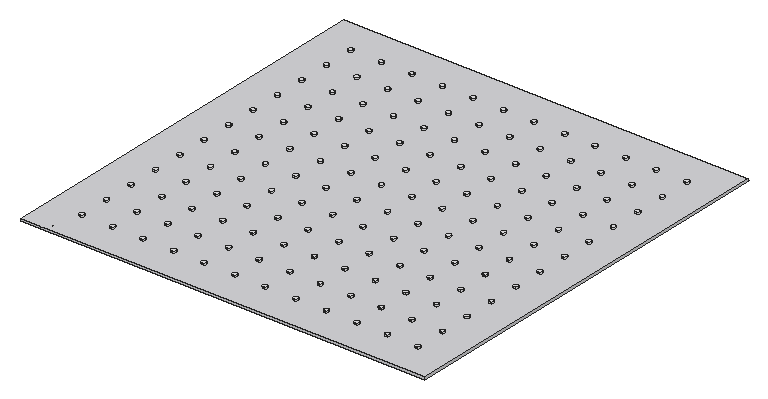
Revit family "Shower-Showerhead-KOHLER-KATALYST-K-9301T", category Plumbing Fixtures, host Face, Revit 2017 (continued)
Definition of nested family "K-9301T"
  Lines and regions (in)
    symbolic lines, detail levels medium+fine
      curve 287: arc (6.36283, -0.56971, 0) -> (6.27901, -0.48589, 0) -> (6.1952, -0.56971, 0) r 0.08381
      curve 288: arc (6.1952, -0.56971, 0) -> (6.27901, -0.65352, 0) -> (6.36283, -0.56971, 0) r 0.08381
      curve 289: line (-0.72431, 0, 2.06693) -> (0, 0, 2.06693)
      curve 290: line (0, 0, 2.06693) -> (0.72431, 0, 2.06693)
      curve 291: line (-0.46987, 0, 0.64317) -> (0.46987, 0, 0.64317)
      curve 292: line (-0.33902, 0, 0.75765) -> (0.33902, 0, 0.75765)
      curve 293: line (-0.33153, 0, 0.86477) -> (0.33153, 0, 0.86477)
      curve 294: line (-0.68898, 0, 0.98819) -> (0, 0, 0.98819)
      curve 295: line (0, 0, 0.98819) -> (0.68915, 0, 0.98819)
      curve 296: line (-7.55906, 0, 2.32283) -> (7.55906, 0, 2.32283)
      curve 297: line (7.55906, 0, 2.40159) -> (-7.55906, 0, 2.40159)
      curve 298: line (0, -6.8731, 2.06693) -> (0, 6.8731, 2.06693)
      curve 299: line (0, 0.20386, 1.46462) -> (0, -0.20426, 1.46462)
      curve 300: line (0, 0.20386, 0.98819) -> (0, 0.20386, 1.46462)
      curve 301: line (0, -0.20426, 1.46462) -> (0, -0.20426, 0.98819)
      curve 302: line (0, -0.7185, 0.98819) -> (0, 0.7185, 0.98819)
      curve 303: arc (0, -0.19852, 0.16897) -> (0, 0, 0.12746) -> (0, 0.19852, 0.16897) r 0.49544
      curve 304: line (0, 0.19852, 0.16897) -> (0, 0.19852, 0.53681)
      curve 305: arc (0, 0.19852, 0.53681) -> (0, 0.18724, 0.58248) -> (0, 0.15601, 0.61766) r 0.09816
      curve 306: arc (0, 0.15601, 0.61766) -> (0, 0.08169, 0.65443) -> (0, 0, 0.66867) r 0.29005
      curve 307: arc (0, 0, 0.66867) -> (0, -0.08169, 0.65443) -> (0, -0.15601, 0.61766) r 0.29005
      curve 308: arc (0, -0.15601, 0.61766) -> (0, -0.18724, 0.58248) -> (0, -0.19852, 0.53681) r 0.09816
      curve 309: line (0, -0.19852, 0.53681) -> (0, -0.19852, 0.16897)
      curve 310: line (0, -7.55906, 2.32283) -> (0, 7.55906, 2.32283)
      curve 311: line (0, 7.55906, 2.40159) -> (0, -7.55906, 2.40159)
      curve 312: line (0, 0.33821, 0.7571) -> (0, -0.33821, 0.7571)
      curve 313: line (0, 0.33821, 0.87181) -> (0, -0.33821, 0.87181)
      curve 314: line (0, 0.19852, 0.53681) -> (0, 0.49606, 0.53681)
      curve 315: line (0, -0.19852, 0.53681) -> (0, -0.49606, 0.53681)
  Dimensions and locks (in)
    level to plane 6 = 2.40159"
    plane 7 to plane 8 = 15.11811"
    plane 9 to plane 10 = 15.11811"
    aligned and locked: level to plane 2
Types (4): name | Type | Product Page URL | Model | Finish
  (no name) | 1 | "https://www.kohler.com.cn/product/K-9301T-CL-CP/K-9301T-CL-CP/" | "K-9301T-CL-CP" | Kohler-Metal-CP-Polished_Chrome
  CP-Polished Chrome | 1 | "https://www.kohler.com.cn/product/K-9301T-CL-CP/K-9301T-CL-CP/" | "K-9301T-CL-CP" | Kohler-Metal-CP-Polished_Chrome
  AF-Flange Gold | 2 | "https://www.kohler.com.cn/product/K-9301T-CL-CP/K-9301T-CL-AF/" | "K-9301T-CL-AF" | Kohler-Metal-AF-Flange_Gold
  BN-Roman Silver | 3 | "https://www.kohler.com.cn/product/K-9301T-CL-CP/K-9301T-CL-BN/" | "K-9301T-CL-BN" | Kohler-Metal-BN-Roman_Silver
